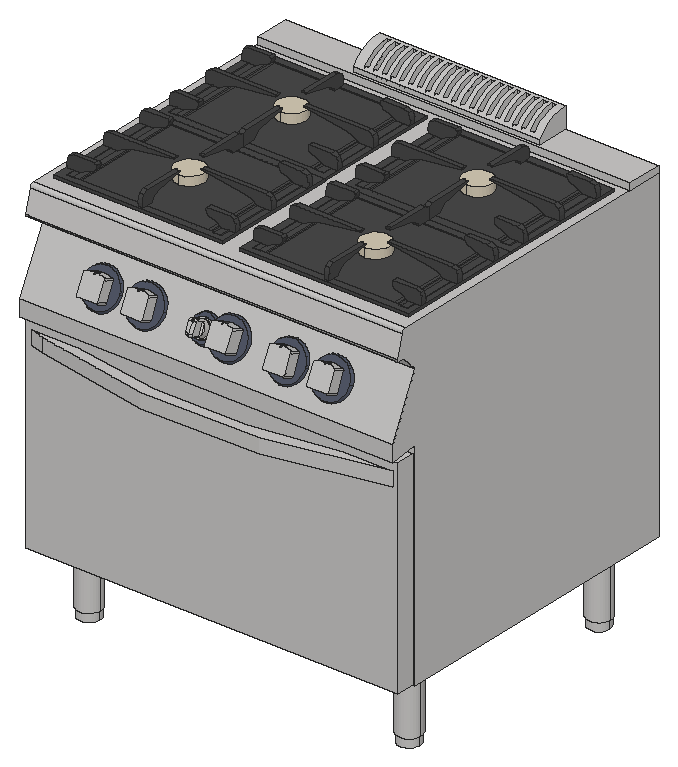
Revit family "QF_ZANUSSI_372148_Z7GCGH4CGA", category Specialty Equipment, Revit 2018
Family settings
  Round Connector Dimension = Use Diameter
  Part Type = Normal
  Work Plane-Based = No
  Always vertical = Yes
  Cut with Voids When Loaded = No
  Shared = No
  Room Calculation Point = No
Parameters (values of type "Standard")
  Weight = 80.00 kg
  Watts = 0 W
  Volts = 0 V
  URL Manufacturer = "http://www.zanussiprofessional.com"
  URL = "http://www.zanussiprofessional.com"
  Steam Supply Size = 0"
  Steam Supply Minimum Pressure = 0.00 psi
  Steam Supply Maximum Pressure = 0.00 psi
  Steam Pounds per Hour = 0
  Show Logo [instance] = yes
  Show Clearance [instance] = yes
  Refrigeration Suction Line Size = 0"
  Refrigeration Liquid Line Size = 0"
  Refrigerant Compressor Remote = yes
  Phase = 0
  Model = "Z7GCGH4CGA"
  Manufacturer = "Zanussi"
  Length Actual = 800 mm  # constant formula
  Item Number = "372148"
  Hot Water Size = 0"
  Height Actual = 850 mm  # constant formula
  HP = "0 HP"
  Gas Size = 1/2"
  Gas KW = 28
  Gas Input Pressure = 0.938315 Btu/h
  Direct Waste Size = 0"
  Description = "4-BURNER GAS RANGE+GAS OVEN 800 MM (AGA)"
  Depth Actual = 700 mm  # constant formula
  Cycle = 0 Hz
  Condensate Return Size = 0"
  Compressed Air Volume = 0 GPM
  Compressed Air Size = 0"
  Compressed Air Pressure = 0.00 psi
  Cold Water Size = 0"
  Assembly Code = ""
  Accessory = yes
Reference planes
  plane 1 "BACK": y = 0
  plane 2: z = 0
  plane 3 "LEFT": x = 0
  plane 4 "RIGHT": x = 800
  plane 5 "FRONT": y = -700
  plane 6 "TOP": z = 908.9
  plane 7 "Center Y": x = 400
  plane 8 "Center X": y = -350
  plane 9 "Base": z = 150
  plane 10: z = 850
  plane 11: y = -1109
  plane 12 "panel": through (-6096, -654.982, 762.214) normal (0, -0.8956, 0.4448)
  plane 13: x = 177.499
  plane 14: x = 177.499
  plane 15: y = -715
Forms (mm)
  Revolve 1, solid, material "QF_Finishes_Stainless Steel"
    sketch origin (1, -90, 0) x (1, 0, 0) y (0, 0, 1)
      loop
        line (55, 0) -> (55, 150) -> (29.6, 150) -> (29.6, 19.05) -> (32.1, 19.05) -> (32.1, 0) -> (55, 0)
      axis (55, 0) -> (55, 150)
    angle from 0 to 360
  Revolve 2, solid, material "QF_Finishes_Stainless Steel"
    sketch origin (1, -599.588, 0) x (1, 0, 0) y (0, 0, 1)
      loop
        line (55, 0) -> (55, 150) -> (29.6, 150) -> (29.6, 19.05) -> (32.1, 19.05) -> (32.1, 0) -> (55, 0)
      axis (55, 0) -> (55, 150)
    angle from 0 to 360
  Revolve 3, solid, material "QF_Finishes_Stainless Steel"
    sketch origin (799, -90, 0) x (-1, 0, 0) y (0, 0, -1)
      loop
        line (55, 0) -> (32.1, 0) -> (32.1, -19.05) -> (29.6, -19.05) -> (29.6, -150) -> (55, -150) -> (55, 0)
      axis (55, 0) -> (55, -150)
    angle from 0 to 360
  Revolve 4, solid, material "QF_Finishes_Stainless Steel"
    sketch origin (799, -599.588, 0) x (-1, 0, 0) y (0, 0, -1)
      loop
        line (55, 0) -> (32.1, 0) -> (32.1, -19.05) -> (29.6, -19.05) -> (29.6, -150) -> (55, -150) -> (55, 0)
      axis (55, 0) -> (55, -150)
    angle from 0 to 360
  Extrusion 5, solid, material "QF_Finishes_Stainless Steel"
    sketch origin (0, 0, 576.213) x (0, 1, 0) y (0, 0, 1)
      loop
        line (0, 273.788) -> (-679.358, 273.788)
        arc (-679.358, 273.788) -> (-684.643, 271.598) -> (-686.833, 266.313) r 7.474
        line (-686.833, 266.313) -> (-699.884, 220.798)
        arc (-699.884, 220.798) -> (-699.396, 218.166) -> (-697, 216.971) r 3
        line (-697, 216.971) -> (-686.802, 216.971) -> (-654.982, 185.152) -> (-715, 64.296) -> (-715, 29.296) -> (-658.645, 37.216)
        arc (-658.645, 37.216) -> (-656.101, 36.462) -> (-655, 34.047) r 3.2
        line (-655, 34.047) -> (-655, -426.212) -> (0, -426.212) -> (0, 273.788)
      loop
        line (-700, 23.788) -> (-700, -421.212) -> (-660, -421.212) -> (-660, 23.788) -> (-700, 23.788)
    from 0 to 800
  Extrusion 6, solid, material "QF_Finishes_Stainless Steel"
    sketch origin (0, 0, 576.213) x (0, 1, 0) y (0, 0, 1)
      loop
        line (0, 273.787) -> (0, 288.075) -> (-76.2, 288.075) -> (-76.2, 273.787) -> (0, 273.787)
    from 0 to 800
  Extrusion 7, solid, material "QF_Finishes_Stainless Steel"
    sketch origin (0, 0, 150) x (-1, 0, 0) y (0, -1, 0)
      loop
        circle (-747.612, 464) r 6.35
    from -8.815 to 7.722
  Extrusion 8, solid, material "QF_Finishes_Door Clearance", visible <- "Show Clearance", detail levels coarse
    sketch origin (0, 0, 0) x (0, 1, 0) y (0, 0, 1)
      loop
        arc (-700, 600) -> (-991.621, 457.58) -> (-1108.972, 155) r 445
        line (-1108.972, 155) -> (-700, 155) -> (-700, 600)
    from 0 to 800
  Extrusion 9, solid, material "QF_Finishes_Clearance", visible <- "Show Clearance", detail levels coarse
    sketch origin (0, 0, 0) x (1, 0, 0) y (0, 1, 0)
      loop
        line (-100, -715) -> (0, -715) -> (0, 0) -> (800, 0) -> (800, -715) -> (900, -715) -> (900, 100) -> (-100, 100) -> (-100, -715)
    from 0 to 908.85
  Extrusion 10, void
    sketch origin (-65.011, 0, 865.138) x (-1, 0, 0) y (0, -1, 0)
      loop
        line (-295.005, 6.761) -> (-285.709, 6.761) -> (-285.709, 63.911) -> (-295.005, 63.911) -> (-295.005, 6.761)
      loop
        line (-313.697, 6.761) -> (-304.401, 6.761) -> (-304.401, 63.911) -> (-313.697, 63.911) -> (-313.697, 6.761)
      loop
        line (-332.39, 6.761) -> (-323.094, 6.761) -> (-323.094, 63.911) -> (-332.39, 63.911) -> (-332.39, 6.761)
      loop
        line (-351.082, 6.761) -> (-341.787, 6.761) -> (-341.787, 63.911) -> (-351.082, 63.911) -> (-351.082, 6.761)
      loop
        line (-369.775, 6.761) -> (-360.479, 6.761) -> (-360.479, 63.911) -> (-369.775, 63.911) -> (-369.775, 6.761)
      loop
        line (-388.468, 6.761) -> (-379.172, 6.761) -> (-379.172, 63.911) -> (-388.468, 63.911) -> (-388.468, 6.761)
      loop
        line (-407.16, 6.761) -> (-397.864, 6.761) -> (-397.864, 63.911) -> (-407.16, 63.911) -> (-407.16, 6.761)
      loop
        line (-425.853, 6.761) -> (-416.557, 6.761) -> (-416.557, 63.911) -> (-425.853, 63.911) -> (-425.853, 6.761)
      loop
        line (-444.545, 6.761) -> (-435.25, 6.761) -> (-435.25, 63.911) -> (-444.545, 63.911) -> (-444.545, 6.761)
      loop
        line (-463.238, 6.761) -> (-453.942, 6.761) -> (-453.942, 63.911) -> (-463.238, 63.911) -> (-463.238, 6.761)
      loop
        line (-481.931, 6.761) -> (-472.635, 6.761) -> (-472.635, 63.911) -> (-481.931, 63.911) -> (-481.931, 6.761)
      loop
        line (-500.623, 6.761) -> (-491.328, 6.761) -> (-491.328, 63.911) -> (-500.623, 63.911) -> (-500.623, 6.761)
      loop
        line (-519.316, 6.761) -> (-510.02, 6.761) -> (-510.02, 63.911) -> (-519.316, 63.911) -> (-519.316, 6.761)
      loop
        line (-538.008, 6.761) -> (-528.713, 6.761) -> (-528.713, 63.911) -> (-538.008, 63.911) -> (-538.008, 6.761)
      loop
        line (-556.701, 6.761) -> (-547.405, 6.761) -> (-547.405, 63.911) -> (-556.701, 63.911) -> (-556.701, 6.761)
      loop
        line (-575.394, 6.761) -> (-566.098, 6.761) -> (-566.098, 63.911) -> (-575.394, 63.911) -> (-575.394, 6.761)
      loop
        line (-594.086, 6.761) -> (-584.791, 6.761) -> (-584.791, 63.911) -> (-594.086, 63.911) -> (-594.086, 6.761)
      loop
        line (-612.779, 6.761) -> (-603.483, 6.761) -> (-603.483, 63.911) -> (-612.779, 63.911) -> (-612.779, 6.761)
      loop
        line (-631.472, 6.761) -> (-622.176, 6.761) -> (-622.176, 63.911) -> (-631.472, 63.911) -> (-631.472, 6.761)
      loop
        line (-650.164, 6.761) -> (-640.868, 6.761) -> (-640.868, 63.911) -> (-650.164, 63.911) -> (-650.164, 6.761)
    from 9.525 to 45.348
  Extrusion 11, solid, material "QF_Finishes_Stainless Steel"
    sketch origin (-200, 0, 590.5) x (0, 1, 0) y (0, 0, 1)
      loop
        line (0, 273.788) -> (0, 318.4)
        arc (0, 318.4) -> (-39.28, 309.527) -> (-69.85, 283.312) r 83.566
        line (-69.85, 283.312) -> (-69.85, 273.788) -> (0, 273.788)
    from 400 to 800
  Blend 12, solid, material "QF_Finishes_Navy Blue"
    base sketch origin (152.5, -684.991, 701.786) x (1, 0, 0) y (0, 0.444781, 0.895639)
      loop
        circle (0, 0) r 42.5
    top sketch origin (152.5, -684.991, 701.786) x (1, 0, 0) y (0, 0.444781, 0.895639)
      loop
        circle (0, 0) r 40.5
    from 0 to 5
  Extrusion 13, solid, material "QF_Finishes_Stainless Steel"
    sketch origin (152.5, -684.991, 701.786) x (1, 0, 0) y (0, 0.444781, 0.895639)
      loop
        arc (-21.147, 22.789) -> (-22.494, 21.685) -> (-23, 20.019) r 2.997
        line (-23, 20.019) -> (-23, -20.019)
        arc (-23, -20.019) -> (-22.122, -22.138) -> (-20.003, -23.016) r 2.997
        line (-20.003, -23.016) -> (20.003, -23.016)
        arc (20.003, -23.016) -> (22.122, -22.138) -> (23, -20.019) r 2.997
        line (23, -20.019) -> (23, 20.019)
        arc (23, 20.019) -> (22.494, 21.685) -> (21.147, 22.789) r 2.997
        arc (21.147, 22.789) -> (0, 26.984) -> (-21.147, 22.789) r 55.4
    from 10 to 34
  Extrusion 14, solid, material "QF_Plastic-Black-Matte"
    sketch origin (210, -684.991, 701.786) x (0, 0.444781, 0.895639) y (0, -0.895639, 0.444781)
      loop
        line (26.984, 34) -> (26.984, 19) -> (27.984, 19) -> (27.984, 34)
        arc (27.984, 34) -> (27.691, 34.707) -> (26.984, 35) r 1
        line (26.984, 35) -> (23.984, 35) -> (23.984, 34) -> (26.984, 34)
    from -58.5 to -56.5
  Extrusion 15, solid, material "QF_Finishes_Stainless Steel"
    sketch origin (152.5, -684.991, 701.786) x (1, 0, 0) y (0, 0.444781, 0.895639)
      loop
        line (17.5, 17.5) -> (-17.5, 17.5) -> (-17.5, -17.5) -> (17.5, -17.5) -> (17.5, 17.5)
    from 5 to 10
  Extrusion 16, solid, material "QF_Plastic-Black-Matte"
    sketch origin (190, -684.991, 701.786) x (0, 0.444781, 0.895639) y (0, 0.895639, -0.444781)
      loop
        line (26.984, -34) -> (23.984, -34) -> (23.984, -35) -> (26.984, -35)
        arc (26.984, -35) -> (27.691, -34.707) -> (27.984, -34) r 1
        line (27.984, -34) -> (27.984, -19) -> (26.984, -19) -> (26.984, -34)
    from -58.5 to -56.5
  Extrusion 17, solid, material "QF_Finishes_Stainless Steel"
    sketch origin (247.5, -684.991, 701.786) x (-1, 0, 0) y (0, -0.444781, -0.895639)
      loop
        line (17.5, -17.5) -> (17.5, 17.5) -> (-17.5, 17.5) -> (-17.5, -17.5) -> (17.5, -17.5)
    from 5 to 10
  Blend 18, solid, material "QF_Finishes_Navy Blue"
    base sketch origin (247.5, -684.991, 701.786) x (1, 0, 0) y (0, 0.444781, 0.895639)
      loop
        circle (0, 0) r 42.5
    top sketch origin (247.5, -684.991, 701.786) x (1, 0, 0) y (0, 0.444781, 0.895639)
      loop
        circle (0, 0) r 40.5
    from 0 to 5
  Extrusion 19, solid, material "QF_Finishes_Stainless Steel"
    sketch origin (247.5, -684.991, 701.786) x (-1, 0, 0) y (0, -0.444781, -0.895639)
      loop
        arc (-21.147, -22.789) -> (0, -26.984) -> (21.147, -22.789) r 55.4
        arc (21.147, -22.789) -> (22.494, -21.685) -> (23, -20.019) r 2.997
        line (23, -20.019) -> (23, 20.019)
        arc (23, 20.019) -> (22.122, 22.138) -> (20.003, 23.016) r 2.997
        line (20.003, 23.016) -> (-20.003, 23.016)
        arc (-20.003, 23.016) -> (-22.122, 22.138) -> (-23, 20.019) r 2.997
        line (-23, 20.019) -> (-23, -20.019)
        arc (-23, -20.019) -> (-22.494, -21.685) -> (-21.147, -22.789) r 2.997
    from 10 to 34
  Blend 20, solid, material "QF_Finishes_Navy Blue"
    base sketch origin (427.5, -684.991, 701.786) x (1, 0, 0) y (0, 0.444781, 0.895639)
      loop
        arc (-35.05, -24.037) -> (42.5, 0) -> (-35.05, 24.037) r 42.5
        arc (-35.05, 24.037) -> (-83, 0) -> (-35.05, -24.037) r 30
    top sketch origin (427.5, -684.991, 701.786) x (1, 0, 0) y (0, 0.444781, 0.895639)
      loop
        arc (-34.578, -21.086) -> (40.5, 0) -> (-34.578, 21.086) r 40.5
        arc (-34.578, 21.086) -> (-81, 0) -> (-34.578, -21.086) r 28
    from 0 to 5
  Extrusion 21, solid, material "QF_Finishes_Stainless Steel"
    sketch origin (195, -684.991, 701.786) x (1, 0, 0) y (0, 0.444781, 0.895639)
      loop
        circle (177.499, -0.341) r 20
    from 5 to 10
  Revolve 22, solid, material "QF_Finishes_Stainless Steel"
    sketch origin (372.499, -684.991, 701.786) x (0, -0.444781, -0.895639) y (0, -0.895639, 0.444781)
      loop
        line (0.341, 10) -> (16.341, 10) -> (16.341, 37)
        arc (16.341, 37) -> (15.462, 39.121) -> (13.341, 40) r 3
        line (13.341, 40) -> (0.341, 40) -> (0.341, 10)
      axis (0.341, 10) -> (0.341, 40)
    angle from 0 to 360
  Extrusion 23, void
    sketch origin (427.5, -684.991, 701.786) x (1, 0, 0) y (0, -0.895639, 0.444781)
      loop
        line (-62.999, 24.837) -> (-62.999, 40) -> (-71.893, 40) -> (-71.893, 22) -> (-65.835, 22)
        arc (-65.835, 22) -> (-63.827, 22.828) -> (-62.999, 24.837) r 2.827
      loop
        arc (-47.003, 24.837) -> (-46.175, 22.828) -> (-44.167, 22) r 2.827
        line (-44.167, 22) -> (-38.109, 22) -> (-38.109, 40) -> (-47.003, 40) -> (-47.003, 24.837)
    from -20.019 to 20.019
  Extrusion 24, solid, material "QF_Finishes_Stainless Steel"
    sketch origin (195, -684.991, 701.786) x (1, 0, 0) y (0, 0.444781, 0.895639)
      loop
        arc (211.353, 22.789) -> (210.006, 21.685) -> (209.5, 20.019) r 2.997
        line (209.5, 20.019) -> (209.5, -20.019)
        arc (209.5, -20.019) -> (210.378, -22.138) -> (212.497, -23.016) r 2.997
        line (212.497, -23.016) -> (252.503, -23.016)
        arc (252.503, -23.016) -> (254.622, -22.138) -> (255.5, -20.019) r 2.997
        line (255.5, -20.019) -> (255.5, 20.019)
        arc (255.5, 20.019) -> (254.994, 21.685) -> (253.647, 22.789) r 2.997
        arc (253.647, 22.789) -> (232.5, 26.984) -> (211.353, 22.789) r 55.4
    from 5 to 34
  Blend 25, solid, material "QF_Finishes_Navy Blue"
    base sketch origin (552.5, -684.991, 701.786) x (1, 0, 0) y (0, 0.444781, 0.895639)
      loop
        circle (0, 0) r 42.5
    top sketch origin (552.5, -684.991, 701.786) x (1, 0, 0) y (0, 0.444781, 0.895639)
      loop
        circle (0, 0) r 40.5
    from 0 to 5
  Extrusion 26, solid, material "QF_Finishes_Stainless Steel"
    sketch origin (552.5, -684.991, 701.786) x (1, 0, 0) y (0, 0.444781, 0.895639)
      loop
        arc (-21.147, 22.789) -> (-22.494, 21.685) -> (-23, 20.019) r 2.997
        line (-23, 20.019) -> (-23, -20.019)
        arc (-23, -20.019) -> (-22.122, -22.138) -> (-20.003, -23.016) r 2.997
        line (-20.003, -23.016) -> (20.003, -23.016)
        arc (20.003, -23.016) -> (22.122, -22.138) -> (23, -20.019) r 2.997
        line (23, -20.019) -> (23, 20.019)
        arc (23, 20.019) -> (22.494, 21.685) -> (21.147, 22.789) r 2.997
        arc (21.147, 22.789) -> (0, 26.984) -> (-21.147, 22.789) r 55.4
    from 10 to 34
  Extrusion 27, solid, material "QF_Plastic-Black-Matte"
    sketch origin (610, -684.991, 701.786) x (0, 0.444781, 0.895639) y (0, -0.895639, 0.444781)
      loop
        line (26.984, 34) -> (26.984, 19) -> (27.984, 19) -> (27.984, 34)
        arc (27.984, 34) -> (27.691, 34.707) -> (26.984, 35) r 1
        line (26.984, 35) -> (23.984, 35) -> (23.984, 34) -> (26.984, 34)
    from -58.5 to -56.5
  Extrusion 28, solid, material "QF_Finishes_Stainless Steel"
    sketch origin (552.5, -684.991, 701.786) x (1, 0, 0) y (0, 0.444781, 0.895639)
      loop
        line (17.5, 17.5) -> (-17.5, 17.5) -> (-17.5, -17.5) -> (17.5, -17.5) -> (17.5, 17.5)
    from 5 to 10
  Extrusion 29, solid, material "QF_Plastic-Black-Matte"
    sketch origin (590, -684.991, 701.786) x (0, 0.444781, 0.895639) y (0, 0.895639, -0.444781)
      loop
        line (26.984, -34) -> (23.984, -34) -> (23.984, -35) -> (26.984, -35)
        arc (26.984, -35) -> (27.691, -34.707) -> (27.984, -34) r 1
        line (27.984, -34) -> (27.984, -19) -> (26.984, -19) -> (26.984, -34)
    from -58.5 to -56.5
  Extrusion 30, solid, material "QF_Finishes_Stainless Steel"
    sketch origin (647.5, -684.991, 701.786) x (-1, 0, 0) y (0, -0.444781, -0.895639)
      loop
        line (17.5, -17.5) -> (17.5, 17.5) -> (-17.5, 17.5) -> (-17.5, -17.5) -> (17.5, -17.5)
    from 5 to 10
  Blend 31, solid, material "QF_Finishes_Navy Blue"
    base sketch origin (647.5, -684.991, 701.786) x (1, 0, 0) y (0, 0.444781, 0.895639)
      loop
        circle (0, 0) r 42.5
    top sketch origin (647.5, -684.991, 701.786) x (1, 0, 0) y (0, 0.444781, 0.895639)
      loop
        circle (0, 0) r 40.5
    from 0 to 5
  Extrusion 32, solid, material "QF_Finishes_Stainless Steel"
    sketch origin (647.5, -684.991, 701.786) x (-1, 0, 0) y (0, -0.444781, -0.895639)
      loop
        arc (-21.147, -22.789) -> (0, -26.984) -> (21.147, -22.789) r 55.4
        arc (21.147, -22.789) -> (22.494, -21.685) -> (23, -20.019) r 2.997
        line (23, -20.019) -> (23, 20.019)
        arc (23, 20.019) -> (22.122, 22.138) -> (20.003, 23.016) r 2.997
        line (20.003, 23.016) -> (-20.003, 23.016)
        arc (-20.003, 23.016) -> (-22.122, 22.138) -> (-23, 20.019) r 2.997
        line (-23, 20.019) -> (-23, -20.019)
        arc (-23, -20.019) -> (-22.494, -21.685) -> (-21.147, -22.789) r 2.997
    from 10 to 34
  Extrusion 33, solid, material "QF_Finishes_Stainless Steel"
    sketch origin (0, 0, 150) x (-1, 0, 0) y (0, -1, 0)
      loop
        line (-790, 700) -> (-696.395, 700)
        arc (-696.395, 700) -> (-400, 735) -> (-103.605, 700) r 1272.5
        line (-103.605, 700) -> (-10, 700)
        arc (-10, 700) -> (-27.217, 705.295) -> (-44.506, 710.35) r 1297.5
        arc (-44.506, 710.35) -> (-418.013, 759.875) -> (-790, 700) r 1297.5
    from 400 to 430
  Extrusion 34, solid, material "QF_Plastic-Black-Matte"
    sketch origin (485, -684.991, 701.786) x (0, 0.444781, 0.895639) y (0, -0.895639, 0.444781)
      loop
        line (26.984, 34) -> (26.984, 19) -> (27.984, 19) -> (27.984, 34)
        arc (27.984, 34) -> (27.691, 34.707) -> (26.984, 35) r 1
        line (26.984, 35) -> (23.984, 35) -> (23.984, 34) -> (26.984, 34)
    from -58.5 to -56.5
  Extrusion 35, solid, material "QF_Plastic-Black-Matte"
    sketch origin (372.486, -684.749, 701.69) x (0, -0.444781, -0.895639) y (0, -0.895639, 0.444781)
      loop
        line (-10.258, 39.984) -> (-10.258, 40.984) -> (-12.874, 40.984)
        arc (-12.874, 40.984) -> (-15.536, 39.882) -> (-16.638, 37.22) r 3.764
        line (-16.638, 37.22) -> (-16.638, 25.027) -> (-15.638, 25.027) -> (-15.638, 37.22)
        arc (-15.638, 37.22) -> (-14.829, 39.175) -> (-12.874, 39.984) r 2.764
        line (-12.874, 39.984) -> (-10.258, 39.984)
    from 1 to -1
Cuts and joins
  Extrusion 10 cuts Extrusion 9
  Extrusion 10 cuts Extrusion 11
  Extrusion 23 cuts Revolve 22
Lines and regions (mm)
  Split face 1
    outline origin (152.5, -689.469, 704.01) x (1, 0, 0) y (0, 0.444781, 0.895639)
      loop
        circle (-33, 0) r 3
  Split face 2
    outline origin (253.401, -689.469, 704.01) x (1, 0, 0) y (0, 0.444781, 0.895639)
      loop
        line (-8.901, 38.561) -> (-8.901, 28.561) -> (-2.901, 28.561) -> (-2.901, 38.561) -> (-8.901, 38.561)
  Split face 3
    outline origin (253.401, -689.469, 704.01) x (1, 0, 0) y (0, 0.444781, 0.895639)
      loop
        line (-8.401, 38.061) -> (-8.401, 29.061) -> (-3.401, 29.061) -> (-3.401, 38.061) -> (-8.401, 38.061)
  Split face 4
    outline origin (253.401, -689.469, 704.01) x (1, 0, 0) y (0, 0.444781, 0.895639)
      loop
        line (-8.401, 33.561) -> (-3.401, 33.561)
  Split face 5
    outline origin (253.401, -689.469, 704.01) x (1, 0, 0) y (0, 0.444781, 0.895639)
      loop
        line (-8.401, 33.061) -> (-3.401, 33.061)
  Split face 6
    outline origin (158.401, -689.469, 704.01) x (1, 0, 0) y (0, 0.444781, 0.895639)
      loop
        line (-8.901, 38.561) -> (-8.901, 28.561) -> (-2.901, 28.561) -> (-2.901, 38.561) -> (-8.901, 38.561)
  Split face 7
    outline origin (158.401, -689.469, 704.01) x (1, 0, 0) y (0, 0.444781, 0.895639)
      loop
        line (-8.401, 38.061) -> (-8.401, 29.061) -> (-3.401, 29.061) -> (-3.401, 38.061) -> (-8.401, 38.061)
  Split face 8
    outline origin (158.401, -689.469, 704.01) x (1, 0, 0) y (0, 0.444781, 0.895639)
      loop
        line (-8.401, 34.061) -> (-3.401, 34.061)
  Split face 9
    outline origin (158.401, -689.469, 704.01) x (1, 0, 0) y (0, 0.444781, 0.895639)
      loop
        line (-8.401, 33.561) -> (-3.401, 33.561)
  Split face 10
    outline origin (178.157, -675.159, 732.825) x (-1, 0, 0) y (0, -0.444781, -0.895639)
      loop
        circle (43.456, 61.543) r 1.5
  Split face 11
    outline origin (158.401, -689.469, 704.01) x (1, 0, 0) y (0, 0.444781, 0.895639)
      loop
        circle (-5.901, 31.311) r 2.029
  Split face 12
    outline origin (253.401, -689.469, 704.01) x (1, 0, 0) y (0, 0.444781, 0.895639)
      loop
        circle (-5.901, 35.811) r 2.031
  Split face 13
    outline origin (152.5, -689.469, 704.01) x (1, 0, 0) y (0, 0.444781, 0.895639)
      loop
        circle (-24.487, 26.694) r 3.497
  Split face 14
    outline origin (247.5, -689.469, 704.01) x (1, 0, 0) y (0, 0.444781, 0.895639)
      loop
        circle (-24.487, 26.694) r 3.497
  Split face 15
    outline origin (247.5, -689.469, 704.01) x (1, 0, 0) y (0, 0.444781, 0.895639)
      loop
        circle (-33, 0) r 3
  Split face 16
    outline origin (247.5, -689.469, 704.01) x (1, 0, 0) y (0, 0.444781, 0.895639)
      loop
        circle (-17.8, -29.371) r 1.5
  Split face 17
    outline origin (427.5, -689.469, 704.01) x (1, 0, 0) y (0, 0.444781, 0.895639)
      loop
        circle (0, 33) r 1
  Split face 18
    outline origin (427.5, -689.469, 704.01) x (1, 0, 0) y (0, 0.444781, 0.895639)
      loop
        circle (-8.541, 31.876) r 1
  Split face 19
    outline origin (427.5, -689.469, 704.01) x (1, 0, 0) y (0, 0.444781, 0.895639)
      loop
        circle (-16.5, 28.579) r 1
  Split face 20
    outline origin (427.5, -689.469, 704.01) x (1, 0, 0) y (0, 0.444781, 0.895639)
      loop
        circle (-23.335, 23.335) r 1
  Split face 21
    outline origin (427.5, -689.469, 704.01) x (1, 0, 0) y (0, 0.444781, 0.895639)
      loop
        circle (-28.579, 16.5) r 1
  Split face 22
    outline origin (427.5, -689.469, 704.01) x (1, 0, 0) y (0, 0.444781, 0.895639)
      loop
        circle (-31.876, 8.541) r 1
  Split face 23
    outline origin (427.5, -689.469, 704.01) x (1, 0, 0) y (0, 0.444781, 0.895639)
      loop
        circle (-33, 0) r 1
  Split face 24
    outline origin (427.5, -689.469, 704.01) x (-1, 0, 0) y (0, 0.444781, 0.895639)
      loop
        circle (31.876, -8.541) r 1
  Split face 25
    outline origin (427.5, -689.469, 704.01) x (-1, 0, 0) y (0, 0.444781, 0.895639)
      loop
        circle (28.579, -16.5) r 1
  Split face 26
    outline origin (427.5, -689.469, 704.01) x (-1, 0, 0) y (0, 0.444781, 0.895639)
      loop
        circle (23.335, -23.335) r 1
  Split face 27
    outline origin (427.5, -689.469, 704.01) x (-1, 0, 0) y (0, 0.444781, 0.895639)
      loop
        circle (16.5, -28.579) r 1
  Split face 28
    outline origin (427.5, -689.469, 704.01) x (-1, 0, 0) y (0, 0.444781, 0.895639)
      loop
        circle (8.541, -31.876) r 1
  Split face 29
    outline origin (427.5, -689.469, 704.01) x (1, 0, 0) y (0, -0.444781, -0.895639)
      loop
        circle (33, 0) r 1
  Split face 30
    outline origin (427.5, -689.469, 704.01) x (1, 0, 0) y (0, -0.444781, -0.895639)
      loop
        circle (31.876, -8.541) r 1
  Split face 31
    outline origin (427.5, -689.469, 704.01) x (1, 0, 0) y (0, -0.444781, -0.895639)
      loop
        circle (28.579, -16.5) r 1
  Split face 32
    outline origin (427.5, -689.469, 704.01) x (1, 0, 0) y (0, -0.444781, -0.895639)
      loop
        circle (23.335, -23.335) r 1
  Split face 33
    outline origin (427.5, -689.469, 704.01) x (1, 0, 0) y (0, -0.444781, -0.895639)
      loop
        circle (16.5, -28.579) r 1
  Split face 34
    outline origin (427.5, -689.469, 704.01) x (1, 0, 0) y (0, -0.444781, -0.895639)
      loop
        circle (8.541, -31.876) r 1
  Split face 35
    outline origin (427.5, -689.469, 704.01) x (-1, 0, 0) y (0, -0.444781, -0.895639)
      loop
        circle (-8.541, 31.876) r 1
  Split face 36
    outline origin (427.5, -689.469, 704.01) x (-1, 0, 0) y (0, -0.444781, -0.895639)
      loop
        circle (-16.5, 28.579) r 1
  Split face 37
    outline origin (427.5, -689.469, 704.01) x (-1, 0, 0) y (0, -0.444781, -0.895639)
      loop
        circle (-23.335, 23.335) r 1
  Split face 38
    outline origin (427.5, -689.469, 704.01) x (-1, 0, 0) y (0, -0.444781, -0.895639)
      loop
        circle (-28.579, 16.5) r 1
  Split face 39
    outline origin (427.5, -689.469, 704.01) x (-1, 0, 0) y (0, -0.444781, -0.895639)
      loop
        circle (-31.876, 8.541) r 1
  Split face 40
    outline origin (427.5, -689.469, 704.01) x (1, 0, 0) y (0, 0.444781, 0.895639)
      loop
        circle (-55.001, 22) r 1.508
  Split face 41
    outline origin (427.5, -689.469, 704.01) x (1, 0, 0) y (0, 0.444781, 0.895639)
      loop
        circle (-77.001, 0) r 1.343
  Split face 42
    outline origin (427.5, -689.469, 704.01) x (1, 0, 0) y (0, 0.444781, 0.895639)
      loop
        line (-56.273, -20.786) -> (-56.273, -25.164) -> (-53.729, -25.164) -> (-53.729, -20.786) -> (-56.273, -20.786)
  Split face 43
    outline origin (552.5, -689.469, 704.01) x (1, 0, 0) y (0, 0.444781, 0.895639)
      loop
        circle (-33, 0) r 3
  Split face 44
    outline origin (653.401, -689.469, 704.01) x (1, 0, 0) y (0, 0.444781, 0.895639)
      loop
        line (-8.901, 38.561) -> (-8.901, 28.561) -> (-2.901, 28.561) -> (-2.901, 38.561) -> (-8.901, 38.561)
  Split face 45
    outline origin (653.401, -689.469, 704.01) x (1, 0, 0) y (0, 0.444781, 0.895639)
      loop
        line (-8.401, 38.061) -> (-8.401, 29.061) -> (-3.401, 29.061) -> (-3.401, 38.061) -> (-8.401, 38.061)
  Split face 46
    outline origin (653.401, -689.469, 704.01) x (1, 0, 0) y (0, 0.444781, 0.895639)
      loop
        line (-8.401, 33.561) -> (-3.401, 33.561)
  Split face 47
    outline origin (653.401, -689.469, 704.01) x (1, 0, 0) y (0, 0.444781, 0.895639)
      loop
        line (-8.401, 33.061) -> (-3.401, 33.061)
  Split face 48
    outline origin (558.401, -689.469, 704.01) x (1, 0, 0) y (0, 0.444781, 0.895639)
      loop
        line (-8.901, 38.561) -> (-8.901, 28.561) -> (-2.901, 28.561) -> (-2.901, 38.561) -> (-8.901, 38.561)
  Split face 49
    outline origin (558.401, -689.469, 704.01) x (1, 0, 0) y (0, 0.444781, 0.895639)
      loop
        line (-8.401, 38.061) -> (-8.401, 29.061) -> (-3.401, 29.061) -> (-3.401, 38.061) -> (-8.401, 38.061)
  Split face 50
    outline origin (558.401, -689.469, 704.01) x (1, 0, 0) y (0, 0.444781, 0.895639)
      loop
        line (-8.401, 34.061) -> (-3.401, 34.061)
  Split face 51
    outline origin (558.401, -689.469, 704.01) x (1, 0, 0) y (0, 0.444781, 0.895639)
      loop
        line (-8.401, 33.561) -> (-3.401, 33.561)
  Split face 52
    outline origin (578.157, -675.159, 732.825) x (-1, 0, 0) y (0, -0.444781, -0.895639)
      loop
        circle (43.456, 61.543) r 1.5
  Split face 53
    outline origin (558.401, -689.469, 704.01) x (1, 0, 0) y (0, 0.444781, 0.895639)
      loop
        circle (-5.901, 31.311) r 2.029
  Split face 54
    outline origin (653.401, -689.469, 704.01) x (1, 0, 0) y (0, 0.444781, 0.895639)
      loop
        circle (-5.901, 35.811) r 2.031
  Split face 55
    outline origin (552.5, -689.469, 704.01) x (1, 0, 0) y (0, 0.444781, 0.895639)
      loop
        circle (-24.487, 26.694) r 3.497
  Split face 56
    outline origin (647.5, -689.469, 704.01) x (1, 0, 0) y (0, 0.444781, 0.895639)
      loop
        circle (-24.487, 26.694) r 3.497
  Split face 57
    outline origin (647.5, -689.469, 704.01) x (1, 0, 0) y (0, 0.444781, 0.895639)
      loop
        circle (-33, 0) r 3
  Split face 58
    outline origin (647.5, -689.469, 704.01) x (1, 0, 0) y (0, 0.444781, 0.895639)
      loop
        circle (-17.8, -29.371) r 1.5
  symbolic lines, style "QF-Door Swings"
    curve 1: line (0, -715.129, 150) -> (0, -1109, 150)
    curve 2: line (0, -1109, 150) -> (800, -1109, 150)
    curve 3: line (800, -1109, 150) -> (800, -715.129, 150)
  symbolic lines
    curve 4: line (0, 0, 150) -> (0, -715.129, 150)
    curve 5: line (0, -69.85, 150) -> (800, -69.85, 150)
    curve 6: line (0, -76.2, 150) -> (800, -76.2, 150)
    curve 7: line (800, -715.129, 150) -> (800, 0, 150)
    curve 8: line (0, 0, 150) -> (800, 0, 150)
    curve 12: line (229.994, -6.761, 150) -> (229.994, -63.911, 150)
    curve 13: line (229.994, -63.911, 150) -> (220.698, -63.911, 150)
    curve 14: line (220.698, -63.911, 150) -> (220.698, -6.761, 150)
    curve 15: line (220.698, -6.761, 150) -> (229.994, -6.761, 150)
    curve 16: line (435.612, -6.761, 150) -> (435.612, -63.911, 150)
    curve 17: line (435.612, -63.911, 150) -> (426.317, -63.911, 150)
    curve 18: line (426.317, -63.911, 150) -> (426.317, -6.761, 150)
    curve 19: line (426.317, -6.761, 150) -> (435.612, -6.761, 150)
    curve 20: line (416.92, -6.761, 150) -> (416.92, -63.911, 150)
    curve 21: line (416.92, -63.911, 150) -> (407.624, -63.911, 150)
    curve 22: line (407.624, -63.911, 150) -> (407.624, -6.761, 150)
    curve 23: line (407.624, -6.761, 150) -> (416.92, -6.761, 150)
    curve 24: line (398.227, -6.761, 150) -> (398.227, -63.911, 150)
    curve 25: line (398.227, -63.911, 150) -> (388.931, -63.911, 150)
    curve 26: line (388.931, -63.911, 150) -> (388.931, -6.761, 150)
    curve 27: line (388.931, -6.761, 150) -> (398.227, -6.761, 150)
    curve 28: line (379.534, -6.761, 150) -> (379.534, -63.911, 150)
    curve 29: line (379.534, -63.911, 150) -> (370.239, -63.911, 150)
    curve 30: line (370.239, -63.911, 150) -> (370.239, -6.761, 150)
    curve 31: line (370.239, -6.761, 150) -> (379.534, -6.761, 150)
    curve 32: line (360.842, -6.761, 150) -> (360.842, -63.911, 150)
    curve 33: line (360.842, -63.911, 150) -> (351.546, -63.911, 150)
    curve 34: line (351.546, -63.911, 150) -> (351.546, -6.761, 150)
    curve 35: line (351.546, -6.761, 150) -> (360.842, -6.761, 150)
    curve 36: line (342.149, -6.761, 150) -> (342.149, -63.911, 150)
    curve 37: line (342.149, -63.911, 150) -> (332.854, -63.911, 150)
    curve 38: line (332.854, -63.911, 150) -> (332.854, -6.761, 150)
    curve 39: line (332.854, -6.761, 150) -> (342.149, -6.761, 150)
    curve 40: line (323.457, -6.761, 150) -> (323.457, -63.911, 150)
    curve 41: line (323.457, -63.911, 150) -> (314.161, -63.911, 150)
    curve 42: line (314.161, -63.911, 150) -> (314.161, -6.761, 150)
    curve 43: line (314.161, -6.761, 150) -> (323.457, -6.761, 150)
    curve 44: line (304.764, -6.761, 150) -> (304.764, -63.911, 150)
    curve 45: line (304.764, -63.911, 150) -> (295.468, -63.911, 150)
    curve 46: line (295.468, -63.911, 150) -> (295.468, -6.761, 150)
    curve 47: line (295.468, -6.761, 150) -> (304.764, -6.761, 150)
    curve 48: line (286.071, -6.761, 150) -> (286.071, -63.911, 150)
    curve 49: line (286.071, -63.911, 150) -> (276.776, -63.911, 150)
    curve 50: line (276.776, -63.911, 150) -> (276.776, -6.761, 150)
    curve 51: line (276.776, -6.761, 150) -> (286.071, -6.761, 150)
    curve 52: line (267.379, -6.761, 150) -> (267.379, -63.911, 150)
    curve 53: line (267.379, -63.911, 150) -> (258.083, -63.911, 150)
    curve 54: line (258.083, -63.911, 150) -> (258.083, -6.761, 150)
    curve 55: line (258.083, -6.761, 150) -> (267.379, -6.761, 150)
    curve 56: line (248.686, -6.761, 150) -> (248.686, -63.911, 150)
    curve 57: line (248.686, -63.911, 150) -> (239.39, -63.911, 150)
    curve 58: line (239.39, -63.911, 150) -> (239.39, -6.761, 150)
    curve 59: line (239.39, -6.761, 150) -> (248.686, -6.761, 150)
    curve 60: line (585.153, -6.761, 150) -> (585.153, -63.911, 150)
    curve 61: line (585.153, -63.911, 150) -> (575.857, -63.911, 150)
    curve 62: line (575.857, -63.911, 150) -> (575.857, -6.761, 150)
    curve 63: line (575.857, -6.761, 150) -> (585.153, -6.761, 150)
    curve 64: line (566.461, -6.761, 150) -> (566.461, -63.911, 150)
    curve 65: line (566.461, -63.911, 150) -> (557.165, -63.911, 150)
    curve 66: line (557.165, -63.911, 150) -> (557.165, -6.761, 150)
    curve 67: line (557.165, -6.761, 150) -> (566.461, -6.761, 150)
    curve 68: line (547.768, -6.761, 150) -> (547.768, -63.911, 150)
    curve 69: line (547.768, -63.911, 150) -> (538.472, -63.911, 150)
    curve 70: line (538.472, -63.911, 150) -> (538.472, -6.761, 150)
    curve 71: line (538.472, -6.761, 150) -> (547.768, -6.761, 150)
    curve 72: line (529.075, -6.761, 150) -> (529.075, -63.911, 150)
    curve 73: line (529.075, -63.911, 150) -> (519.78, -63.911, 150)
    curve 74: line (519.78, -63.911, 150) -> (519.78, -6.761, 150)
    curve 75: line (519.78, -6.761, 150) -> (529.075, -6.761, 150)
    curve 76: line (510.383, -6.761, 150) -> (510.383, -63.911, 150)
    curve 77: line (510.383, -63.911, 150) -> (501.087, -63.911, 150)
    curve 78: line (501.087, -63.911, 150) -> (501.087, -6.761, 150)
    curve 79: line (501.087, -6.761, 150) -> (510.383, -6.761, 150)
    curve 80: line (491.69, -6.761, 150) -> (491.69, -63.911, 150)
    curve 81: line (491.69, -63.911, 150) -> (482.394, -63.911, 150)
    curve 82: line (482.394, -63.911, 150) -> (482.394, -6.761, 150)
    curve 83: line (482.394, -6.761, 150) -> (491.69, -6.761, 150)
    curve 84: line (472.998, -6.761, 150) -> (472.998, -63.911, 150)
    curve 85: line (472.998, -63.911, 150) -> (463.702, -63.911, 150)
    curve 86: line (463.702, -63.911, 150) -> (463.702, -6.761, 150)
    curve 87: line (463.702, -6.761, 150) -> (472.998, -6.761, 150)
    curve 88: line (454.305, -6.761, 150) -> (454.305, -63.911, 150)
    curve 89: line (454.305, -63.911, 150) -> (445.009, -63.911, 150)
    curve 90: line (445.009, -63.911, 150) -> (445.009, -6.761, 150)
    curve 91: line (445.009, -6.761, 150) -> (454.305, -6.761, 150)
    curve 92: line (200, -69.85, 150) -> (200, 0, 150)
    curve 93: line (600, -69.85, 150) -> (600, 0, 150)
    curve 94: line (0, -700, 0) -> (800, -700, 0)
    curve 95: line (129.525, -700, 0) -> (129.525, -724.347, 0)
    curve 96: arc (129.525, -724.347, 0) -> (129.671, -724.811, 0) -> (130.057, -725.107, 0) r 0.809
    curve 97: arc (130.057, -725.107, 0) -> (131.245, -725.587, 0) -> (132.522, -725.68, 0) r 4.127
    curve 98: arc (129.525, -704.292, 0) -> (124.484, -702.458, 0) -> (119.716, -700, 0) r 42.24
    curve 99: arc (129.525, -706.539, 0) -> (130.027, -705.818, 0) -> (130.824, -705.448, 0) r 1.682
    curve 100: arc (130.824, -705.448, 0) -> (141.127, -703.95, 0) -> (151.525, -703.441, 0) r 109.079
    curve 101: line (151.525, -700, 0) -> (151.525, -705.671, 0)
    curve 102: line (151.525, -705.671, 0) -> (153.525, -705.671, 0)
    curve 103: line (153.525, -705.671, 0) -> (153.525, -700, 0)
    curve 104: line (175.525, -700, 0) -> (175.525, -724.347, 0)
    curve 105: arc (175.525, -724.347, 0) -> (175.379, -724.811, 0) -> (174.993, -725.107, 0) r 0.809
    curve 106: arc (174.993, -725.107, 0) -> (173.805, -725.587, 0) -> (172.528, -725.68, 0) r 4.127
    curve 107: arc (175.525, -704.292, 0) -> (180.566, -702.458, 0) -> (185.334, -700, 0) r 42.24
    curve 108: arc (175.525, -706.539, 0) -> (175.023, -705.818, 0) -> (174.226, -705.448, 0) r 1.682
    curve 109: arc (174.226, -705.448, 0) -> (163.923, -703.95, 0) -> (153.525, -703.441, 0) r 109.079
    curve 110: line (132.522, -725.68, 0) -> (172.528, -725.68, 0)
    curve 111: line (270.525, -700, 0) -> (270.525, -724.347, 0)
    curve 112: arc (270.525, -724.347, 0) -> (270.379, -724.811, 0) -> (269.993, -725.107, 0) r 0.809
    curve 113: arc (269.993, -725.107, 0) -> (268.805, -725.587, 0) -> (267.528, -725.68, 0) r 4.127
    curve 114: arc (270.525, -704.292, 0) -> (275.566, -702.458, 0) -> (280.334, -700, 0) r 42.24
    curve 115: arc (270.525, -706.539, 0) -> (270.023, -705.818, 0) -> (269.226, -705.448, 0) r 1.682
    curve 116: arc (269.226, -705.448, 0) -> (258.923, -703.95, 0) -> (248.525, -703.441, 0) r 109.079
    curve 117: line (248.525, -700, 0) -> (248.525, -705.671, 0)
    curve 118: line (248.525, -705.671, 0) -> (246.525, -705.671, 0)
    curve 119: line (246.525, -705.671, 0) -> (246.525, -700, 0)
    curve 120: line (224.525, -700, 0) -> (224.525, -724.347, 0)
    curve 121: arc (224.525, -724.347, 0) -> (224.671, -724.811, 0) -> (225.057, -725.107, 0) r 0.809
    curve 122: arc (225.057, -725.107, 0) -> (226.245, -725.587, 0) -> (227.522, -725.68, 0) r 4.127
    curve 123: arc (224.525, -704.292, 0) -> (219.484, -702.458, 0) -> (214.716, -700, 0) r 42.24
    curve 124: arc (224.525, -706.539, 0) -> (225.027, -705.818, 0) -> (225.824, -705.448, 0) r 1.682
    curve 125: arc (225.824, -705.448, 0) -> (236.127, -703.95, 0) -> (246.525, -703.441, 0) r 109.079
    curve 126: line (267.528, -725.68, 0) -> (227.522, -725.68, 0)
    curve 127: line (175.525, -715, 0) -> (224.525, -715, 0)
    curve 128: line (270.525, -715, 0) -> (364.582, -715, 0)
    curve 129: line (0, -715, 0) -> (129.525, -715, 0)
    curve 130: line (529.5, -700, 0) -> (529.5, -724.347, 0)
    curve 131: arc (529.5, -724.347, 0) -> (529.646, -724.811, 0) -> (530.032, -725.107, 0) r 0.809
    curve 132: arc (530.032, -725.107, 0) -> (531.22, -725.587, 0) -> (532.497, -725.68, 0) r 4.127
    curve 133: arc (529.5, -704.292, 0) -> (524.459, -702.458, 0) -> (519.691, -700, 0) r 42.24
    curve 134: arc (529.5, -706.539, 0) -> (530.002, -705.818, 0) -> (530.799, -705.448, 0) r 1.682
    curve 135: arc (530.799, -705.448, 0) -> (541.102, -703.95, 0) -> (551.5, -703.441, 0) r 109.079
    curve 136: line (551.5, -700, 0) -> (551.5, -705.671, 0)
    curve 137: line (551.5, -705.671, 0) -> (553.5, -705.671, 0)
    curve 138: line (553.5, -705.671, 0) -> (553.5, -700, 0)
    curve 139: line (575.5, -700, 0) -> (575.5, -724.347, 0)
    curve 140: arc (575.5, -724.347, 0) -> (575.354, -724.811, 0) -> (574.968, -725.107, 0) r 0.809
    curve 141: arc (574.968, -725.107, 0) -> (573.78, -725.587, 0) -> (572.503, -725.68, 0) r 4.127
    curve 142: arc (575.5, -704.292, 0) -> (580.541, -702.458, 0) -> (585.309, -700, 0) r 42.24
    curve 143: arc (575.5, -706.539, 0) -> (574.998, -705.818, 0) -> (574.201, -705.448, 0) r 1.682
    curve 144: arc (574.201, -705.448, 0) -> (563.898, -703.95, 0) -> (553.5, -703.441, 0) r 109.079
    curve 145: line (532.497, -725.68, 0) -> (572.503, -725.68, 0)
    curve 146: line (670.525, -700, 0) -> (670.525, -724.347, 0)
    curve 147: arc (670.525, -724.347, 0) -> (670.379, -724.811, 0) -> (669.993, -725.107, 0) r 0.809
    curve 148: arc (669.993, -725.107, 0) -> (668.805, -725.587, 0) -> (667.528, -725.68, 0) r 4.127
    curve 149: arc (670.525, -704.292, 0) -> (675.566, -702.458, 0) -> (680.334, -700, 0) r 42.24
    curve 150: arc (670.525, -706.539, 0) -> (670.023, -705.818, 0) -> (669.226, -705.448, 0) r 1.682
    curve 151: arc (669.226, -705.448, 0) -> (658.923, -703.95, 0) -> (648.525, -703.441, 0) r 109.079
    curve 152: line (648.525, -700, 0) -> (648.525, -705.671, 0)
    curve 153: line (648.525, -705.671, 0) -> (646.525, -705.671, 0)
    curve 154: line (646.525, -705.671, 0) -> (646.525, -700, 0)
    curve 155: line (624.525, -700, 0) -> (624.525, -724.347, 0)
    curve 156: arc (624.525, -724.347, 0) -> (624.671, -724.811, 0) -> (625.057, -725.107, 0) r 0.809
    curve 157: arc (625.057, -725.107, 0) -> (626.245, -725.587, 0) -> (627.522, -725.68, 0) r 4.127
    curve 158: arc (624.525, -704.292, 0) -> (619.484, -702.458, 0) -> (614.716, -700, 0) r 42.24
    curve 159: arc (624.525, -706.539, 0) -> (625.027, -705.818, 0) -> (625.824, -705.448, 0) r 1.682
    curve 160: arc (625.824, -705.448, 0) -> (636.127, -703.95, 0) -> (646.525, -703.441, 0) r 109.079
    curve 161: line (667.528, -725.68, 0) -> (627.522, -725.68, 0)
    curve 162: line (575.5, -715, 0) -> (624.525, -715, 0)
    curve 163: line (670.525, -715, 0) -> (800.05, -715, 0)
    curve 164: line (450.5, -700, 0) -> (450.5, -724.347, 0)
    curve 165: arc (450.5, -724.347, 0) -> (450.354, -724.811, 0) -> (449.968, -725.107, 0) r 0.809
    curve 166: arc (449.968, -725.107, 0) -> (448.78, -725.587, 0) -> (447.503, -725.68, 0) r 4.127
    curve 167: arc (450.5, -704.292, 0) -> (455.541, -702.458, 0) -> (460.309, -700, 0) r 42.24
    curve 168: arc (450.5, -706.539, 0) -> (449.998, -705.818, 0) -> (449.201, -705.448, 0) r 1.682
    curve 169: arc (449.201, -705.448, 0) -> (438.898, -703.95, 0) -> (428.5, -703.441, 0) r 109.079
    curve 170: line (428.5, -700, 0) -> (428.5, -705.671, 0)
    curve 171: line (428.5, -705.671, 0) -> (426.5, -705.671, 0)
    curve 172: line (426.5, -705.671, 0) -> (426.5, -700, 0)
    curve 173: line (404.5, -700, 0) -> (404.5, -724.347, 0)
    curve 174: arc (404.5, -724.347, 0) -> (404.646, -724.811, 0) -> (405.032, -725.107, 0) r 0.809
    curve 175: arc (405.032, -725.107, 0) -> (406.22, -725.587, 0) -> (407.497, -725.68, 0) r 4.127
    curve 176: arc (404.5, -704.292, 0) -> (399.459, -702.458, 0) -> (394.691, -700, 0) r 42.24
    curve 177: arc (404.5, -706.539, 0) -> (405.002, -705.818, 0) -> (405.799, -705.448, 0) r 1.682
    curve 178: arc (405.799, -705.448, 0) -> (416.102, -703.95, 0) -> (426.5, -703.441, 0) r 109.079
    curve 179: line (447.503, -725.68, 0) -> (407.497, -725.68, 0)
    curve 180: line (380.497, -715, 0) -> (404.5, -715, 0)
    curve 181: line (450.5, -715, 0) -> (529.5, -715, 0)
    curve 182: arc (61.252, -714.871, 150) -> (399.753, -759.871, 150) -> (738.27, -715, 150) r 1297.5
    curve 183: arc (624.001, -715, 150) -> (599.81, -719.086, 150) -> (575.545, -722.704, 150) r 1272.5
    curve 184: arc (552.665, -725.68, 150) -> (400, -734.871, 150) -> (247.335, -725.68, 150) r 1272.5
    curve 185: arc (224.459, -722.705, 150) -> (200.192, -719.086, 150) -> (175.999, -715, 150) r 1272.5
    curve 186: line (364.501, -725.977, 908.9) -> (364.501, -701.224, 908.9)
    curve 187: line (380.497, -701.224, 908.9) -> (380.497, -725.977, 908.9)
    curve 188: spline (361.865, -710.164, 908.9) -> (360.376, -709.491, 908.9) -> (359.101, -708.737, 908.9) -> (358.061, -707.914, 908.9) -> (357.275, -707.037, 908.9) -> (356.758, -706.121, 908.9) -> (356.517, -705.183, 908.9) -> (356.557, -704.239, 908.9) -> (356.878, -703.306, 908.9) -> (357.474, -702.4, 908.9) -> (358.334, -701.537, 908.9) -> (359.444, -700.732, 908.9) -> (360.783, -700, 908.9)
    curve 189: spline (384.214, -700, 908.9) -> (385.557, -700.735, 908.9) -> (386.67, -701.543, 908.9) -> (387.532, -702.41, 908.9) -> (388.127, -703.319, 908.9) -> (388.446, -704.256, 908.9) -> (388.482, -705.204, 908.9) -> (388.234, -706.145, 908.9) -> (387.709, -707.063, 908.9) -> (386.913, -707.942, 908.9) -> (385.863, -708.766, 908.9) -> (384.575, -709.521, 908.9) -> (383.074, -710.193, 908.9)
    curve 190: spline (383.074, -710.193, 908.9) -> (382.794, -710.322, 908.9) -> (382.513, -710.487, 908.9) -> (382.235, -710.686, 908.9) -> (381.965, -710.917, 908.9) -> (381.706, -711.177, 908.9) -> (381.463, -711.461, 908.9) -> (381.238, -711.765, 908.9) -> (381.035, -712.085, 908.9) -> (380.857, -712.416, 908.9) -> (380.707, -712.754, 908.9) -> (380.586, -713.094, 908.9) -> (380.497, -713.43, 908.9)
    curve 191: spline (364.501, -713.341, 908.9) -> (364.429, -712.987, 908.9) -> (364.321, -712.634, 908.9) -> (364.18, -712.286, 908.9) -> (364.007, -711.949, 908.9) -> (363.806, -711.628, 908.9) -> (363.577, -711.327, 908.9) -> (363.327, -711.051, 908.9) -> (363.056, -710.803, 908.9) -> (362.771, -710.588, 908.9) -> (362.474, -710.408, 908.9) -> (362.171, -710.266, 908.9) -> (361.865, -710.164, 908.9)
    curve 192: line (356.499, -704.847, 908.9) -> (356.499, -700, 908.9)
    curve 193: line (388.501, -704.85, 908.9) -> (388.501, -700, 908.9)
    curve 194: arc (364.501, -725.977, 908.9) -> (372.499, -727.063, 908.9) -> (380.497, -725.977, 908.9) r 30
  symbolic lines, style "QF-Clearances", visible <- "Show Clearance", detail levels coarse
    curve 9: line (-100, -715.129, 150) -> (-100, 100, 150)
    curve 10: line (-100, 100, 150) -> (900, 100, 150)
    curve 11: line (900, 100, 150) -> (900, -715.129, 150)
Dimensions and locks
  equal spacing: plane 3 "LEFT", plane 7 "Center Y", plane 4 "RIGHT"
  plane 3 "LEFT" to plane 4 "RIGHT" = 800 mm
  equal spacing: plane 5 "FRONT", plane 8 "Center X", plane 1 "BACK"
  plane 5 "FRONT" to plane 1 "BACK" = 700 mm
  plane 6 "TOP" to level = 908.9 mm
  plane 9 "Base" to level = 150 mm
  plane 6 "TOP" to plane 10 = 58.9 mm  (x2)
  plane 1 "BACK" to plane 11 = 1109 mm
  aligned and locked: level to plane 2
Automatic sketch dimensions
  curve 128 to plane 15 = 0 mm
  curve 180 to plane 15 = 0 mm
  curve 128 to plane 13 = 93.026 mm
  curve 128 to plane 7 "Center Y" = 35.418 mm
  curve 128 to curve 180 = 15.914 mm
  plane 7 "Center Y" to curve 180 = 4.5 mm
  Revolve 1 sketch curve to plane 9 "Base" = 0 mm  (x2)
  Revolve 1 sketch curve to level = 0 mm
  plane 3 "LEFT" to Revolve 1 sketch curve = 30.6 mm
  Revolve 1 sketch curve to Revolve 1 sketch curve = 2.5 mm
  Revolve 1 sketch curve to Revolve 1 sketch curve = 25.4 mm
  level to Revolve 1 sketch curve = 19.05 mm
  Revolve 1 sketch curve to Revolve 1 sketch curve = 0 mm
  plane 9 "Base" to Revolve 1 sketch curve = 20 mm
  Revolve 2 sketch curve to plane 9 "Base" = 0 mm  (x2)
  Revolve 2 sketch curve to level = 0 mm
  plane 3 "LEFT" to Revolve 2 sketch curve = 30.6 mm
  Revolve 2 sketch curve to Revolve 2 sketch curve = 2.5 mm
  Revolve 2 sketch curve to Revolve 2 sketch curve = 25.4 mm
  level to Revolve 2 sketch curve = 19.05 mm
  Revolve 2 sketch curve to Revolve 2 sketch curve = 0 mm
  plane 9 "Base" to Revolve 2 sketch curve = 20 mm
  Revolve 3 sketch curve to plane 9 "Base" = 0 mm  (x2)
  Revolve 3 sketch curve to level = 0 mm
  Revolve 3 sketch curve to plane 4 "RIGHT" = 30.6 mm
  Revolve 3 sketch curve to Revolve 3 sketch curve = 2.5 mm
  Revolve 3 sketch curve to Revolve 3 sketch curve = 25.4 mm
  level to Revolve 3 sketch curve = 19.05 mm
  Revolve 3 sketch curve to Revolve 3 sketch curve = 0 mm
  plane 9 "Base" to Revolve 3 sketch curve = 20 mm
  Revolve 4 sketch curve to plane 9 "Base" = 0 mm  (x2)
  Revolve 4 sketch curve to level = 0 mm
  Revolve 4 sketch curve to plane 4 "RIGHT" = 30.6 mm
  Revolve 4 sketch curve to Revolve 4 sketch curve = 2.5 mm
  Revolve 4 sketch curve to Revolve 4 sketch curve = 25.4 mm
  level to Revolve 4 sketch curve = 19.05 mm
  Revolve 4 sketch curve to Revolve 4 sketch curve = 0 mm
  plane 9 "Base" to Revolve 4 sketch curve = 20 mm
  Extrusion 5 sketch curve to plane 15 = 0 mm
  Extrusion 5 sketch curve to plane 5 "FRONT" = 0 mm
  Extrusion 5 sketch curve to plane 10 = 0 mm
  Extrusion 5 sketch curve to plane 9 "Base" = 0 mm
  Extrusion 5 sketch curve to plane 1 "BACK" = 0 mm
  Extrusion 5 sketch curve to plane 5 "FRONT" = 0.116 mm
  Extrusion 5 sketch curve to Extrusion 5 sketch curve = 2.884 mm
  Extrusion 5 sketch curve to plane 5 "FRONT" = 13.167 mm
  Extrusion 5 sketch curve to Extrusion 5 sketch curve = 10.198 mm
  Extrusion 5 sketch curve to Extrusion 5 sketch curve = 7.474 mm
  plane 9 "Base" to Extrusion 5 sketch curve = 5 mm
  Extrusion 5 sketch curve to plane 5 "FRONT" = 40 mm
  Extrusion 5 sketch curve to Extrusion 5 sketch curve = 1.355 mm
  Extrusion 5 sketch curve to Extrusion 5 sketch curve = 0.445 mm
  Extrusion 5 sketch curve to Extrusion 5 sketch curve = 5 mm
  Extrusion 5 sketch curve to Extrusion 5 sketch curve = 31.82 mm  (x2)
  Extrusion 5 sketch curve to Extrusion 5 sketch curve = 242.526 mm
  Extrusion 5 sketch curve to Extrusion 5 sketch curve = 5.508 mm
  Extrusion 5 sketch curve to Extrusion 5 sketch curve = 10.259 mm
  Extrusion 5 sketch curve to Extrusion 5 sketch curve = 35 mm
  Extrusion 5 sketch curve to Extrusion 5 sketch curve = 81.162 mm
  Extrusion 5 sketch curve to Extrusion 5 sketch curve = 3 mm
  Extrusion 6 sketch curve to plane 10 = 0 mm
  Extrusion 6 sketch curve to plane 1 "BACK" = 0 mm
  plane 10 to Extrusion 6 sketch curve = 14.288 mm
  plane 1 "BACK" to Extrusion 6 sketch curve = 76.2 mm
  Extrusion 7 sketch curve to plane 4 "RIGHT" = 52.388 mm
  Extrusion 7 sketch curve to plane 8 "Center X" = 114 mm
  Extrusion 8 sketch curve to plane 5 "FRONT" = 0 mm
  Extrusion 8 sketch curve to plane 11 = 0.028 mm
  plane 9 "Base" to Extrusion 8 sketch curve = 6.461 mm
  Extrusion 8 sketch curve to plane 5 "FRONT" = 36.025 mm
  plane 9 "Base" to Extrusion 8 sketch curve = 5 mm
  curve 3 to plane 4 "RIGHT" = 0 mm
  plane 1 "BACK" to curve 93 = 0 mm
  curve 1 to plane 3 "LEFT" = 0 mm
  plane 11 to curve 1 = 0 mm
  plane 4 "RIGHT" to curve 11 = 100 mm
  plane 1 "BACK" to curve 60 = 63.911 mm
  plane 7 "Center Y" to curve 60 = 185.153 mm
  curve 60 to curve 61 = 9.296 mm
  curve 62 to curve 64 = 9.397 mm
  curve 64 to curve 66 = 9.296 mm
  curve 66 to curve 68 = 9.397 mm
  curve 68 to curve 70 = 9.296 mm
  curve 69 to curve 73 = 9.397 mm
  curve 72 to curve 75 = 9.296 mm
  curve 73 to curve 77 = 9.397 mm
  curve 76 to curve 78 = 9.296 mm
  curve 77 to curve 81 = 9.397 mm
  curve 80 to curve 82 = 9.296 mm
  curve 81 to curve 84 = 9.397 mm
  curve 84 to curve 86 = 9.296 mm
  curve 86 to curve 88 = 9.397 mm
  curve 88 to curve 89 = 9.296 mm
  curve 90 to curve 19 = 9.397 mm
  curve 16 to curve 18 = 9.296 mm
  curve 18 to curve 20 = 9.397 mm
  plane 7 "Center Y" to curve 21 = 7.624 mm
  curve 24 to plane 7 "Center Y" = 1.773 mm
  curve 24 to curve 26 = 9.296 mm
  curve 26 to curve 28 = 9.397 mm
  curve 28 to curve 29 = 9.296 mm
  curve 29 to curve 32 = 9.397 mm
  curve 32 to curve 34 = 9.296 mm
  curve 34 to curve 36 = 9.397 mm
  curve 36 to curve 37 = 9.296 mm
  curve 37 to curve 40 = 9.397 mm
  curve 40 to curve 42 = 9.296 mm
  curve 41 to curve 44 = 9.397 mm
  curve 44 to curve 45 = 9.296 mm
  curve 45 to curve 48 = 9.397 mm
  curve 48 to curve 50 = 9.296 mm
  curve 50 to curve 52 = 9.397 mm
  curve 52 to curve 54 = 9.296 mm
  curve 53 to curve 57 = 9.397 mm
  curve 56 to curve 58 = 9.296 mm
  curve 58 to curve 15 = 9.397 mm
  curve 12 to curve 14 = 9.296 mm
  curve 9 to plane 3 "LEFT" = 100 mm
  curve 11 to plane 1 "BACK" = 100 mm
  plane 1 "BACK" to curve 86 = 6.761 mm
  plane 1 "BACK" to curve 83 = 6.761 mm
  plane 1 "BACK" to curve 88 = 6.761 mm
  plane 1 "BACK" to curve 12 = 6.761 mm
  plane 1 "BACK" to curve 79 = 6.761 mm
  plane 1 "BACK" to curve 16 = 6.761 mm
  plane 1 "BACK" to curve 75 = 6.761 mm
  plane 1 "BACK" to curve 20 = 6.761 mm
  plane 1 "BACK" to curve 71 = 6.761 mm
  plane 1 "BACK" to curve 24 = 6.761 mm
  plane 1 "BACK" to curve 67 = 6.761 mm
  plane 1 "BACK" to curve 28 = 6.761 mm
  plane 1 "BACK" to curve 63 = 6.761 mm
  plane 1 "BACK" to curve 32 = 6.761 mm
  plane 1 "BACK" to curve 59 = 6.761 mm
  plane 1 "BACK" to curve 36 = 6.761 mm
  plane 1 "BACK" to curve 55 = 6.761 mm
  plane 1 "BACK" to curve 40 = 6.761 mm
  plane 1 "BACK" to curve 51 = 6.761 mm
  plane 1 "BACK" to curve 44 = 6.761 mm
  curve 46 to curve 46 = 57.15 mm
  curve 44 to curve 42 = 0 mm
  curve 48 to curve 45 = 0 mm
  curve 40 to curve 38 = 0 mm
  curve 52 to curve 49 = 0 mm
  curve 36 to curve 34 = 0 mm
  curve 56 to curve 53 = 0 mm
  curve 32 to curve 30 = 0 mm
  curve 28 to curve 26 = 0 mm
  curve 64 to curve 61 = 0 mm
  curve 24 to curve 22 = 0 mm
  curve 68 to curve 65 = 0 mm
  curve 20 to curve 18 = 0 mm
  curve 72 to curve 69 = 0 mm
  curve 14 to curve 57 = 0 mm
  curve 76 to curve 73 = 0 mm
  curve 16 to curve 90 = 0 mm
  curve 80 to curve 77 = 0 mm
  curve 88 to curve 86 = 0 mm
  curve 4 to plane 15 = 0.129 mm
  curve 7 to plane 15 = 0.129 mm
  curve 93 to curve 60 = 14.847 mm
  curve 13 to curve 92 = 20.698 mm
  curve 7 to curve 5 = 69.85 mm
  curve 5 to curve 6 = 6.35 mm
  curve 9 to plane 15 = 0.129 mm
  curve 11 to plane 15 = 0.129 mm
  Extrusion 9 sketch curve to plane 15 = 0 mm  (x2)
  Extrusion 9 sketch curve to plane 3 "LEFT" = 0 mm
  plane 1 "BACK" to Extrusion 9 sketch curve = 0 mm
  Extrusion 9 sketch curve to plane 4 "RIGHT" = 0 mm
  Extrusion 9 sketch curve to plane 3 "LEFT" = 100 mm
  plane 4 "RIGHT" to Extrusion 9 sketch curve = 100 mm
  Extrusion 9 sketch curve to plane 1 "BACK" = 100 mm
  plane 1 "BACK" to Extrusion 10 sketch curve = 63.911 mm  (x2)
  plane 7 "Center Y" to Extrusion 10 sketch curve = 185.153 mm
  Extrusion 10 sketch curve to Extrusion 10 sketch curve = 9.296 mm  (x19)
  Extrusion 10 sketch curve to Extrusion 10 sketch curve = 9.397 mm  (x18)
  plane 7 "Center Y" to Extrusion 10 sketch curve = 7.624 mm
  Extrusion 10 sketch curve to plane 7 "Center Y" = 1.773 mm
  Extrusion 10 sketch curve to Extrusion 10 sketch curve = 0 mm  (x18)
  plane 1 "BACK" to Extrusion 10 sketch curve = 6.761 mm  (x20)
  Extrusion 11 sketch curve to plane 1 "BACK" = 0 mm
  Extrusion 11 sketch curve to plane 6 "TOP" = 0 mm
  plane 1 "BACK" to Extrusion 11 sketch curve = 1.769 mm
  plane 10 to Extrusion 11 sketch curve = 23.812 mm
  plane 1 "BACK" to Extrusion 11 sketch curve = 69.85 mm
  plane 10 to Extrusion 11 sketch curve = 14.288 mm
  plane 13 to Blend 12 sketch curve = 24.999 mm  (x2)
  plane 13 to Extrusion 13 sketch curve = 47.999 mm
  Extrusion 13 sketch curve to Extrusion 13 sketch curve = 2.997 mm  (x2)
  Extrusion 13 sketch curve to Extrusion 13 sketch curve = 20.003 mm
  plane 13 to Extrusion 13 sketch curve = 4.996 mm  (x2)
  plane 13 to Extrusion 13 sketch curve = 1.999 mm
  Extrusion 13 sketch curve to Extrusion 13 sketch curve = 5.399 mm
  Extrusion 13 sketch curve to Extrusion 13 sketch curve = 40.037 mm
  Extrusion 13 sketch curve to Extrusion 13 sketch curve = 0 mm  (x2)
  plane 12 "panel" to Extrusion 14 sketch curve = 35 mm
  plane 5 "FRONT" to Extrusion 14 sketch curve = 5.671 mm
  Extrusion 14 sketch curve to Extrusion 14 sketch curve = 3 mm
  Extrusion 14 sketch curve to Extrusion 14 sketch curve = 0 mm  (x2)
  Extrusion 14 sketch curve to Extrusion 14 sketch curve = 1 mm
  Extrusion 14 sketch curve to Extrusion 14 sketch curve = 15 mm
  plane 13 to Extrusion 15 sketch curve = 42.499 mm
  plane 13 to Extrusion 15 sketch curve = 7.499 mm
  Extrusion 15 sketch curve to Extrusion 15 sketch curve = 35 mm
  plane 12 "panel" to Extrusion 16 sketch curve = 35 mm
  plane 5 "FRONT" to Extrusion 16 sketch curve = 5.671 mm
  Extrusion 16 sketch curve to Extrusion 16 sketch curve = 3 mm
  Extrusion 16 sketch curve to Extrusion 16 sketch curve = 0 mm
  Extrusion 16 sketch curve to Extrusion 16 sketch curve = 1 mm  (x2)
  Extrusion 16 sketch curve to Extrusion 16 sketch curve = 15 mm
  Extrusion 17 sketch curve to plane 13 = 87.501 mm
  Extrusion 17 sketch curve to Extrusion 17 sketch curve = 35 mm  (x2)
  Blend 18 sketch curve to plane 13 = 70.001 mm  (x2)
  Extrusion 19 sketch curve to plane 13 = 93.001 mm
